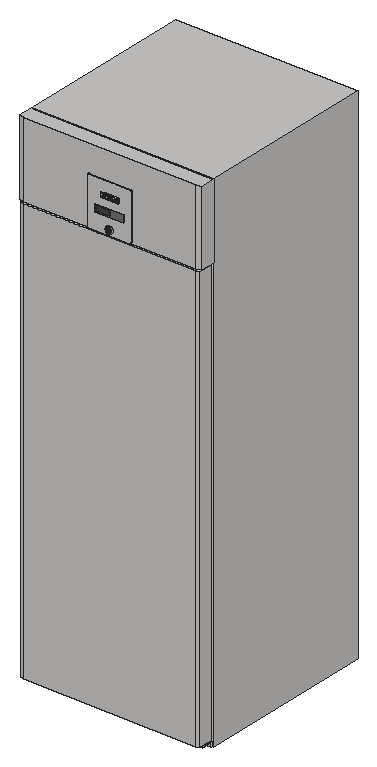
Revit family "QF_ZANUSSI_110882_ZRI075R1FR", category Specialty Equipment, Revit 2018
Family settings
  Round Connector Dimension = Use Diameter
  Part Type = Normal
  Work Plane-Based = No
  Always vertical = Yes
  Cut with Voids When Loaded = No
  Shared = No
  Room Calculation Point = No
Parameters (values of type "Standard")
  Weight = 131.00 kg
  Watts = 12.0774 W
  Volts = 220 V
  URL Manufacturer = "http://www.zanussiprofessional.com"
  URL = "http://www.zanussiprofessional.com"
  Steam Supply Size = 0 mm
  Steam Supply Minimum Pressure = 0.0 Pa
  Steam Supply Maximum Pressure = 0.0 Pa
  Steam Pounds per Hour = 0
  Refrigeration Suction Line Size = 0.032 mm
  Refrigeration Liquid Line Size = 0.02 mm
  Refrigerant Compressor Remote = yes
  Manufacturer = "Zanussi"
  Phase = 1
  Model = "ZRI075R1FR"
  Length Actual = 750 mm  # constant formula
  Item Number = "110882"
  Hot Water Size = 0 mm
  Height Actual = 2101 mm  # constant formula
  HP = "0.2 HP"
  Gas Size = 0 mm
  Gas KW = 0
  Gas Input Pressure = 0 W
  Description = "1-DOOR ROLL-IN REFRIGERATOR 750 LT 0/+10°C-REMOTE"
  Depth Actual = 816 mm  # constant formula
  Cycle = 60 Hz
  Condensate Return Size = 0 mm
  Compressed Air Volume = 0.0 L/s
  Compressed Air Size = 0 mm
  Compressed Air Pressure = 0.0 Pa
  Cold Water Size = 0 mm
  Accessory = yes
Types (2, lengths in mm): name | URL | Manufacturer | Phase | Model | Description
  (no name) | 0 | 0 | 0 | 0 | 0
  Standard | "http://www.zanussiprofessional.com" | "Zanussi" | 1 | "ZRI075R1FR" | "1-DOOR ROLL-IN REFRIGERATOR 750 LT 0/+10°C-REMOTE"
Values of the unnamed type that differ from the named types
  Watts = 0 W
  Volts = 0 V
  URL Manufacturer = ""
  Item Number = ""
  HP = ""
  Cycle = 0 Hz
Reference planes
  plane 1 "Center (Front/Back)": y = 0
  plane 2: z = 0
  plane 3 "Center (Left/Right)": x = 0
  plane 4 "TOP": z = 2101
  plane 5 "FRONT": y = -408
  plane 6 "BACK": y = 408
  plane 7 "LEFT": x = -375
  plane 8 "RIGHT": x = 375
  plane 9 "ROy": y = 241
  plane 10 "RIy": y = 269
  plane 11 "ROx": x = 134
  plane 12 "RIx": x = 207
  plane 13 "ROz": z = 1996
Forms (mm)
  Extrusion 1, solid, material "QF_Finishes_Stainless Steel"
    sketch origin (0, 0, 0) x (1, 0, 0) y (0, 1, 0)
      loop
        line (-375, 408) -> (-375, -336) -> (375, -336) -> (375, 408) -> (-375, 408)
    from 0 to 2101
  Extrusion 2, solid
    sketch origin (0, 408, 1872) x (-1, 0, 0) y (0, 0, 1)
      loop
        circle (359, 124) r 10
    from 0 to 3.2
  Extrusion 3, solid, material "QF_Clearances", detail levels coarse
    sketch origin (0, 0, 0) x (1, 0, 0) y (0, 1, 0)
      loop
        line (-375, -408) -> (-375, 408) -> (375, 408) -> (375, -408) -> (425, -408) -> (425, 458) -> (-425, 458) -> (-425, -408) -> (-375, -408)
    from 0 to 2101
  Extrusion 4, solid, material "QF_Clearances", detail levels coarse
    sketch origin (0, 0, 2101) x (-1, 0, 0) y (0, -1, 0)
      loop
        line (425, -458) -> (425, 408) -> (-425, 408) -> (-425, -458) -> (425, -458)
    from 0 to 500
  Extrusion 5, void
    sketch origin (0, 408, 0) x (-1, 0, 0) y (0, 0, 1)
      loop
        line (315, 1713.5) -> (-315, 1713.5) -> (-315, 5) -> (315, 5) -> (315, 1713.5)
    from -59 to -744
  Extrusion 6, solid, material "QF_Finishes_Stainless Steel"
    sketch origin (0, 0, 2101) x (-1, 0, 0) y (0, -1, 0)
      loop
        circle (-207, -269) r 3
    from -211 to -101
  Extrusion 7, solid, material "QF_Finishes_Stainless Steel"
    sketch origin (0, 0, 0) x (0, 1, 0) y (0, 0, 1)
      loop
        circle (241, 1996) r 4.9
    from 157.649 to 134
Cuts and joins
  joined: Extrusion 3, Extrusion 4
  Extrusion 5 cuts Extrusion 1
Lines and regions (mm)
  symbolic lines, style "QF_Clearances", detail levels coarse
    curve 1: line (-375, -408, 2101) -> (-425, -408, 2101)
    curve 2: line (-425, -408, 2101) -> (-425, 458, 2101)
    curve 3: line (-425, 458, 2101) -> (425, 458, 2101)
    curve 4: line (425, 458, 2101) -> (425, -408, 2101)
    curve 5: line (425, -408, 2101) -> (375, -408, 2101)
Dimensions and locks
  plane 6 "BACK" to plane 1 "Center (Front/Back)" to plane 5 "FRONT" = 408 mm, 408 mm
  equal spacing: plane 7 "LEFT", plane 3 "Center (Left/Right)", plane 8 "RIGHT"
  plane 7 "LEFT" to plane 8 "RIGHT" = 750 mm
  plane 6 "BACK" to plane 5 "FRONT" = 816 mm
  plane 4 "TOP" to plane 2 = 2101 mm
  equal spacing: plane 8 "RIGHT", plane 3 "Center (Left/Right)", plane 7 "LEFT"
  plane 6 "BACK" to nested 1 = 1494 mm
  cut or joined group of Extrusion 1, Extrusion 5 to cut or joined group of Extrusion 1, Extrusion 5 = 630 mm
  cut or joined group of Extrusion 1, Extrusion 5 to cut or joined group of Extrusion 1, Extrusion 5 = 685 mm
  plane 6 "BACK" to plane 10 "RIy" = 139 mm
  plane 6 "BACK" to plane 9 "ROy" = 167 mm
  plane 12 "RIx" to cut or joined group of Extrusion 1, Extrusion 5 = 168 mm
  plane 11 "ROx" to plane 12 "RIx" = 73 mm
  cut or joined group of Extrusion 1, Extrusion 5 to plane 13 "ROz" = 105 mm
  cut or joined group of Extrusion 3, Extrusion 4 to plane 4 "TOP" = 500 mm
  nested 1 to cut or joined group of Extrusion 1, Extrusion 5 = 810 mm
  nested 1 to nested 1 = 16 mm
  cut or joined group of Extrusion 3, Extrusion 4 to cut or joined group of Extrusion 1, Extrusion 5 = 50 mm
  cut or joined group of Extrusion 3, Extrusion 4 to plane 7 "LEFT" = 50 mm
  cut or joined group of Extrusion 1, Extrusion 5 to cut or joined group of Extrusion 3, Extrusion 4 = 50 mm
  plane 4 "TOP" to plane 13 "ROz" = 105 mm
  aligned and locked: level to plane 2
Automatic sketch dimensions
  plane 7 "LEFT" to Extrusion 2 sketch curve = 16 mm
  Extrusion 4 sketch curve to plane 5 "FRONT" = 0 mm
  Extrusion 4 sketch curve to plane 8 "RIGHT" = 50 mm
  Extrusion 4 sketch curve to plane 7 "LEFT" = 50 mm
  plane 6 "BACK" to Extrusion 4 sketch curve = 50 mm
  curve 5 to plane 5 "FRONT" = 0 mm
  curve 5 to plane 8 "RIGHT" = 0 mm
  curve 1 to plane 5 "FRONT" = 0 mm
  curve 1 to plane 7 "LEFT" = 0 mm
  curve 4 to plane 8 "RIGHT" = 50 mm
  curve 2 to plane 7 "LEFT" = 50 mm
  plane 6 "BACK" to curve 3 = 50 mm
  Extrusion 1 sketch curve to plane 7 "LEFT" = 0 mm
  Extrusion 1 sketch curve to plane 8 "RIGHT" = 0 mm
  Extrusion 1 sketch curve to plane 6 "BACK" = 0 mm
  plane 5 "FRONT" to Extrusion 1 sketch curve = 72 mm
  Extrusion 2 sketch curve to plane 4 "TOP" = 105 mm
  Extrusion 3 sketch curve to plane 5 "FRONT" = 0 mm  (x2)
  Extrusion 3 sketch curve to plane 7 "LEFT" = 0 mm
  Extrusion 3 sketch curve to plane 6 "BACK" = 0 mm
  Extrusion 3 sketch curve to plane 8 "RIGHT" = 0 mm
  Extrusion 3 sketch curve to plane 7 "LEFT" = 50 mm
  Extrusion 3 sketch curve to plane 8 "RIGHT" = 50 mm
  plane 6 "BACK" to Extrusion 3 sketch curve = 50 mm
  level to Extrusion 5 sketch curve = 5 mm
  plane 8 "RIGHT" to Extrusion 5 sketch curve = 60 mm
  plane 7 "LEFT" to Extrusion 5 sketch curve = 60 mm
  Extrusion 5 sketch curve to plane 4 "TOP" = 387.5 mm
  Extrusion 6 sketch curve to plane 10 "RIy" = 0 mm
  Extrusion 6 sketch curve to plane 12 "RIx" = 0 mm
  Extrusion 7 sketch curve to plane 9 "ROy" = 0 mm
  Extrusion 7 sketch curve to plane 13 "ROz" = 0 mm
  radius of Extrusion 2 sketch curve = 10 mm
  radius of Extrusion 6 sketch curve = 3 mm
  radius of Extrusion 7 sketch curve = 4.9 mm
Nested families
  nested 1: "QF_110882_Door" at (0, -336, 1050.5) x (1, 0, 0) z (0, -1, 0), type "QF_110882_Door"
    with Show Clearance yes
  nested 2: "Refrigerator" at (370, -442.5, 110), type "Refrigerator"
Connectors
  electrical at (-359, 411.2, 1996), driven by "Volts"
    settings: on Extrusion 2, index 2, voltage 220 V, apparent load 0 VA, apparent load phase1 0 VA, apparent load phase2 0 VA, apparent load phase3 0 VA, power factor 1, load classification "Other", number of poles 1, system type 30, power factor state 1, is connector primary yes, connector utility no, sub classification motor no, connector description "Electrical Connection"
  piping at (207, 269, 2000), diameter 6
    settings: on Extrusion 6, index 3, connector inside diameter 609.6 mm, connector length 0 mm, flow factor 0, pipe flow 0.0 L/s, pressure drop 0.0 Pa, fitting loss kfactor 0, connector angle 0.00°, fixture units 0, engagement length 0 mm, angle of deflection 0.00°, flow configuration 1, flow direction 1, fitting loss method 0, system type 7, joint type 0, gender type 0, connector reference index -1, connector utility 0, adjustable connector no, is connector primary yes, connector description "Refrigerant Inlet"
  piping at (134, 241, 1996), diameter 9.8
    settings: on Extrusion 7, index 4, connector inside diameter 609.6 mm, connector length 0 mm, flow factor 0, pipe flow 0.0 L/s, pressure drop 0.0 Pa, fitting loss kfactor 0, connector angle 0.00°, fixture units 0, engagement length 0 mm, angle of deflection 0.00°, flow configuration 1, flow direction 2, fitting loss method 0, system type 7, joint type 0, gender type 0, connector reference index -1, connector utility 0, adjustable connector no, is connector primary no, connector description "Refrigerant Outlet"
Definition of nested family "QF_110882_Door"
  Parameters
    Show Clearance [instance] = yes
    Model = "110882"
    Default Elevation = 1219.2 mm
  Reference planes
    plane 1 "Center (Front/Back)": y = 0
    plane 2: z = 0
    plane 3 "Center (Left/Right)": x = 0
  Forms (mm)
    Extrusion 1, solid
      sketch origin (0, -919.2, 0) x (1, 0, 0) y (0, 1, 0)
        loop
          line (-740, 2119.2) -> (-740, -324.806) -> (846.344, -324.806) -> (846.344, 2119.2) -> (-740, 2119.2)
      from 0 to -59.546
    Extrusion 2, solid
      sketch origin (0, 0, 0) x (1, 0, 0) y (0, 0, 1)
        loop
          line (-375, 60.667) -> (-375, 0) -> (375, 0) -> (375, 60.667) -> (355, 66) -> (-355, 66) -> (-375, 60.667)
      from -1050.5 to -740.5
    Extrusion 3, solid
      sketch origin (0, 0, 0) x (1, 0, 0) y (0, 0, 1)
        loop
          line (-370, 62) -> (-370, 26) -> (-348, 26) -> (-348, 8) -> (-330, 8) -> (-330, 0) -> (362, 0) -> (362, 8) -> (370, 8) -> (370, 62) -> (355, 66) -> (-355, 66) -> (-370, 62)
      from -733.5 to 1025.5
    Extrusion 4, solid
      sketch origin (147, -711.5, 0) x (0, 1, 0) y (0, 0, 1)
        loop
          line (-323.003, 40.312) -> (-316.501, 40.312) -> (-316.501, 42.812) -> (-325.503, 42.812) -> (-325.503, 2.5) -> (-339, 2.5) -> (-339, 0) -> (-323.003, 0) -> (-323.003, 12.259) -> (-323.003, 40.312)
        loop
          line (-314, 38.311) -> (-316.501, 38.311) -> (-316.501, 14.304) -> (-319.752, 14.304) -> (-319.752, 11.804) -> (-314, 11.804) -> (-314, 38.311)
      from 185 to 220
    Extrusion 5, solid
      sketch origin (147, 499.597, 0) x (0, 1, 0) y (0, 0, 1)
        loop
          line (233.903, 27.948) -> (233.903, 2.948) -> (233.903, 0) -> (240.903, 0) -> (240.903, 2.5) -> (236.403, 2.5) -> (236.403, 27.948) -> (233.903, 27.948)
      from 185 to 220
    Extrusion 6, solid, detail levels coarse
      sketch origin (24, 1013.369, -334) x (-1, 0, 0) y (0, 0, -1)
        loop
          line (-367, -352) -> (-367, -1084) -> (-329, -1084) -> (-329, -1062) -> (-311, -1062) -> (-311, -1044) -> (-303, -1044) -> (-303, -400) -> (-351, -400) -> (-351, -352) -> (-367, -352)
      from 2038.869 to 279.869
    Extrusion 7, solid, detail levels coarse
      sketch origin (41, 1123.369, -334) x (1, 0, 0) y (0, 0, 1)
        loop
          line (286, 400) -> (286, 1044) -> (294, 1044) -> (294, 1062) -> (312, 1062) -> (312, 1084)
          arc (312, 1084) -> (-184.675, 884.882) -> (-411, 400) r 727.877
          line (-411, 400) -> (286, 400)
      from 2148.869 to 389.869
  Lines and regions (mm)
    symbolic lines
      curve 1: line (-375, 0, 0) -> (-375, 0, 60.667)
      curve 2: line (375, 0, 0) -> (-375, 0, 0)
      curve 3: line (391, 0, 18) -> (391, 0, 750)
      curve 4: line (327, 0, 66) -> (327, 0, 710)
      curve 5: line (391, 0, 750) -> (353, 0, 750)
      curve 6: line (353, 0, 728) -> (353, 0, 750)
      curve 7: line (335, 0, 728) -> (353, 0, 728)
      curve 8: line (335, 0, 710) -> (335, 0, 728)
      curve 9: line (327, 0, 710) -> (335, 0, 710)
      curve 10: line (375, 0, 18) -> (391, 0, 18)
      curve 11: arc (353, 0, 750) -> (-143.675, 0, 550.882) -> (-370, 0, 66) r 727.877
      curve 12: line (375, 0, 0) -> (375, 0, 60.667)
      curve 13: line (-355, 0, 66) -> (-375, 0, 60.667)
      curve 14: line (355, 0, 66) -> (-355, 0, 66)
      curve 15: line (375, 0, 60.667) -> (355, 0, 66)
  Dimensions and locks
    Extrusion 4 to Extrusion 2 = 2101 mm
    Extrusion 3 to Extrusion 3 = 740 mm
    aligned and locked: plane 2 to Extrusion 1
    aligned and locked: level to Extrusion 1
  Nested families
    nested 1: "QF_DisplayNewRollCabinets_ZAN" at (0, 840.5, 66), type "QF_DisplayNewRollCabinets_ZAN"
      with Show Clearance yes
  Definition of nested family "QF_DisplayNewRollCabinets_ZAN"
    Parameters
      Show Clearance [instance] = yes
      Model = "728658"
      Default Elevation = 1219.2 mm
    Reference planes
      plane 1 "Center (Front/Back)": y = 0
      plane 2: z = 0
      plane 3 "Center (Left/Right)": x = 0
    Forms (mm)
      Extrusion 1, solid
        sketch origin (0, -919.2, 0) x (1, 0, 0) y (0, 1, 0)
          loop
            line (-198.75, 1146.2) -> (-198.75, 709.567) -> (165.741, 709.567) -> (165.741, 1146.2) -> (-198.75, 1146.2)
        from 0 to -59.546
      Extrusion 2, solid
        sketch origin (-59, -79.611, 0) x (0, 1, 0) y (-1, 0, 0)
          loop
            circle (0.611, -59) r 14
          loop
            circle (0.611, -59) r 10
        from 1.6 to 6
      Extrusion 3, solid
        sketch origin (744.635, 285.889, 0) x (0, 1, 0) y (-1, 0, 0)
          loop
            circle (-364.889, 744.635) r 10
          loop
            circle (-364.889, 744.635) r 9
        from 1.6 to 6
      Extrusion 4, solid
        sketch origin (744.635, 285.889, 0) x (0, 1, 0) y (-1, 0, 0)
          loop
            circle (-364.889, 744.635) r 8.7
        from 1.6 to 6
      Extrusion 5, void
        sketch origin (744.635, 285.889, 0) x (0, 1, 0) y (-1, 0, 0)
          loop
            line (-372.339, 745.885) -> (-372.339, 743.385) -> (-362.339, 743.385) -> (-362.339, 745.885) -> (-372.339, 745.885)
        from 3 to 7
      Extrusion 6, solid
        sketch origin (0, 0, 0) x (1, 0, 0) y (0, 1, 0)
          loop
            arc (-90, -95) -> (-88.536, -98.536) -> (-85, -100) r 5
            line (-85, -100) -> (85, -100)
            arc (85, -100) -> (88.536, -98.536) -> (90, -95) r 5
            line (90, -95) -> (90, 95)
            arc (90, 95) -> (88.536, 98.536) -> (85, 100) r 5
            line (85, 100) -> (-85, 100)
            arc (-85, 100) -> (-88.536, 98.536) -> (-90, 95) r 5
            line (-90, 95) -> (-90, -95)
          loop
            line (-60, -3.798) -> (-60, -32.827) -> (60, -32.827) -> (60, -3.798) -> (-60, -3.798)
        from 0 to 1.6
      Extrusion 7, solid
        sketch origin (0, 0, 0) x (1, 0, 0) y (0, 1, 0)
          loop
            line (-60, -3.798) -> (-60, -32.827) -> (60, -32.827) -> (60, -3.798) -> (-60, -3.798)
          loop
            line (-56.428, -8.037) -> (-56.428, -28.331) -> (0, -28.331) -> (0, -8.037) -> (-56.428, -8.037)
        from 0 to 1.6
      Extrusion 8, solid
        sketch origin (0, 0, 0) x (1, 0, 0) y (0, 1, 0)
          loop
            line (-56.428, -8.037) -> (-56.428, -28.331) -> (0, -28.331) -> (0, -8.037) -> (-56.428, -8.037)
        from 0 to 1.6
      Extrusion 9, solid
        sketch origin (0, 15, 0) x (1, 0, 0) y (0, 1, 0)
          loop
            line (-24.658, 16.724) -> (-24.658, 20.689) -> (-30.605, 20.689) -> (-24.658, 32.81) -> (-24.658, 36.095) -> (-34.514, 36.095) -> (-34.514, 32.47) -> (-29.303, 32.583) -> (-34.967, 20.689) -> (-34.967, 16.724) -> (-24.658, 16.724)
          loop
            line (-18.968, 23.974) -> (-16.702, 23.974) -> (-17.835, 32.784) -> (-18.968, 23.974)
          loop
            line (-19.988, 16.724) -> (-19.421, 20.462) -> (-16.136, 20.462) -> (-15.57, 16.724) -> (-11.491, 16.724) -> (-15.116, 36.095) -> (-20.554, 36.095) -> (-24.066, 16.724) -> (-19.988, 16.724)
          loop
            line (-10.989, 36.095) -> (-10.989, 16.724) -> (-7.478, 16.724) -> (-7.478, 29.525) -> (-4.192, 16.724) -> (0.113, 16.724) -> (0.113, 36.095) -> (-3.512, 36.095) -> (-3.512, 23.747) -> (-6.798, 36.095) -> (-10.989, 36.095)
          loop
            arc (1.019, 21.515) -> (5.865, 16.692) -> (11.328, 20.802) r 5.22
            line (11.328, 20.802) -> (11.328, 36.095) -> (7.363, 36.095) -> (7.363, 21.708)
            arc (7.363, 21.708) -> (6.321, 20.507) -> (4.984, 21.368) r 1.214
            line (4.984, 21.368) -> (4.984, 36.095) -> (1.019, 36.095) -> (1.019, 21.515)
          loop
            line (18.691, 29.978) -> (22.43, 29.978) -> (22.491, 31.739)
            arc (22.491, 31.739) -> (22.231, 33.702) -> (20.999, 35.254) r 3.719
            arc (20.999, 35.254) -> (17.381, 36.433) -> (13.762, 35.254) r 6.139
            arc (13.762, 35.254) -> (12.287, 32.389) -> (12.47, 29.172) r 6.125
            arc (12.47, 29.172) -> (13.682, 27.393) -> (15.169, 25.838) r 13.068
            line (15.169, 25.838) -> (16.84, 24.357)
            arc (16.84, 24.357) -> (17.826, 23.519) -> (18.593, 22.477) r 5.571
            arc (18.593, 22.477) -> (18.403, 20.654) -> (16.617, 20.247) r 1.573
            arc (16.617, 20.247) -> (16.079, 20.792) -> (15.849, 21.521) r 1.631
            arc (15.849, 21.521) -> (15.831, 22.035) -> (15.849, 22.549) r 7.441
            arc (15.849, 22.549) -> (15.866, 23.035) -> (15.849, 23.521) r 7.03
            line (15.849, 23.521) -> (11.894, 23.521)
            arc (11.894, 23.521) -> (11.932, 20.748) -> (13.025, 18.199) r 7.131
            arc (13.025, 18.199) -> (18.19, 16.728) -> (22.54, 19.877) r 6.148
            arc (22.54, 19.877) -> (22.619, 23.128) -> (21.224, 26.067) r 7.021
            line (21.224, 26.067) -> (16.879, 29.978)
            arc (16.879, 29.978) -> (16.291, 30.717) -> (15.976, 31.606) r 2.858
            arc (15.976, 31.606) -> (17.094, 33.203) -> (18.691, 32.085) r 1.379
            line (18.691, 32.085) -> (18.691, 29.978)
          loop
            line (29.989, 29.978) -> (33.728, 29.978) -> (33.789, 31.739)
            arc (33.789, 31.739) -> (33.529, 33.702) -> (32.297, 35.254) r 3.719
            arc (32.297, 35.254) -> (28.679, 36.433) -> (25.061, 35.254) r 6.139
            arc (25.061, 35.254) -> (23.585, 32.389) -> (23.768, 29.172) r 6.125
            arc (23.768, 29.172) -> (24.98, 27.393) -> (26.468, 25.838) r 13.068
            line (26.468, 25.838) -> (28.138, 24.357)
            arc (28.138, 24.357) -> (29.125, 23.519) -> (29.892, 22.477) r 5.571
            arc (29.892, 22.477) -> (29.702, 20.654) -> (27.915, 20.247) r 1.573
            arc (27.915, 20.247) -> (27.378, 20.792) -> (27.147, 21.521) r 1.631
            arc (27.147, 21.521) -> (27.13, 22.035) -> (27.147, 22.549) r 7.441
            arc (27.147, 22.549) -> (27.164, 23.035) -> (27.147, 23.521) r 7.03
            line (27.147, 23.521) -> (23.192, 23.521)
            arc (23.192, 23.521) -> (23.231, 20.748) -> (24.324, 18.199) r 7.131
            arc (24.324, 18.199) -> (29.488, 16.728) -> (33.838, 19.877) r 6.148
            arc (33.838, 19.877) -> (33.917, 23.128) -> (32.523, 26.067) r 7.021
            line (32.523, 26.067) -> (28.177, 29.978)
            arc (28.177, 29.978) -> (27.589, 30.717) -> (27.274, 31.606) r 2.858
            arc (27.274, 31.606) -> (28.393, 33.203) -> (29.989, 32.085) r 1.379
            line (29.989, 32.085) -> (29.989, 29.978)
          loop
            line (34.551, 36.095) -> (34.551, 16.724) -> (38.516, 16.724) -> (38.516, 36.095) -> (34.551, 36.095)
        from 1.6 to 3.2
      Extrusion 10, solid
        sketch origin (0, 0, 0) x (1, 0, 0) y (0, 1, 0)
          loop
            line (1.25, -86.45) -> (1.25, -76.45) -> (-1.25, -76.45) -> (-1.25, -86.45) -> (1.25, -86.45)
        from 1.6 to 6
    Cuts and joins
      Extrusion 5 cuts Extrusion 4
    Lines and regions (mm)
      symbolic lines
        curve 1: line (52.518, 0, 4) -> (-53.037, 0, 4)
        curve 2: line (40, 0, 4) -> (40, 0, 6)
        curve 3: line (40, 0, 6) -> (-40, 0, 6)
        curve 4: line (-40, 0, 6) -> (-40, 0, 4)
        curve 5: line (-64.765, 0, 0) -> (-53.037, 0, 4)
        curve 6: line (52.518, 0, 4) -> (64.135, 0, 0)
    Dimensions and locks
      aligned and locked: plane 2 to Extrusion 1
      aligned and locked: level to Extrusion 1
Definition of nested family "Refrigerator"
  Reference planes
    plane 1 "Center (Front/Back)": y = 0
    plane 2: z = 0
    plane 3 "Center (Left/Right)": x = 0
  Lines and regions (mm)
    detail lines, in view "Ref. Level"
      curve 1: spline (-500, 190, 0) -> (-493.185, 166.706, 0) -> (-473.205, 145, 0) -> (-441.421, 126.36, 0) -> (-400, 112.058, 0) -> (-351.764, 103.067, 0) -> (-300, 100, 0) -> (-248.236, 103.067, 0) -> (-200, 112.058, 0) -> (-158.579, 126.36, 0) -> (-126.795, 145, 0) -> (-106.815, 166.706, 0) -> (-100, 190, 0) -> (-106.815, 213.294, 0) -> (-126.795, 235, 0) -> (-158.579, 253.64, 0) -> (-200, 267.942, 0) -> (-248.236, 276.933, 0) -> (-300, 280, 0) -> (-351.764, 276.933, 0) -> (-400, 267.942, 0) -> (-441.421, 253.64, 0) -> (-473.205, 235, 0) -> (-493.185, 213.294, 0) -> (-500, 190, 0)
      curve 2: line (-300, 130, 0) -> (-300, 250, 0)
      curve 3: line (-351.962, 220, 0) -> (-248.038, 160, 0)
      curve 4: line (-351.962, 160, 0) -> (-248.038, 220, 0)
      curve 5: line (-280.884, 246.873, 0) -> (-300, 225, 0)
      curve 6: line (-300, 225, 0) -> (-319.116, 246.873, 0)
      curve 7: line (-330.311, 207.5, 0) -> (-339.696, 234.992, 0)
      curve 8: line (-358.812, 201.882, 0) -> (-330.311, 207.5, 0)
      curve 9: line (-330.311, 172.5, 0) -> (-358.812, 178.118, 0)
      curve 10: line (-339.696, 145.008, 0) -> (-330.311, 172.5, 0)
      curve 11: line (-300, 155, 0) -> (-319.116, 133.127, 0)
      curve 12: line (-280.884, 133.127, 0) -> (-300, 155, 0)
      curve 13: line (-269.689, 172.5, 0) -> (-260.304, 145.008, 0)
      curve 14: line (-241.188, 178.118, 0) -> (-269.689, 172.5, 0)
      curve 15: line (-269.689, 207.5, 0) -> (-241.188, 201.882, 0)
      curve 16: line (-260.304, 234.992, 0) -> (-269.689, 207.5, 0)
